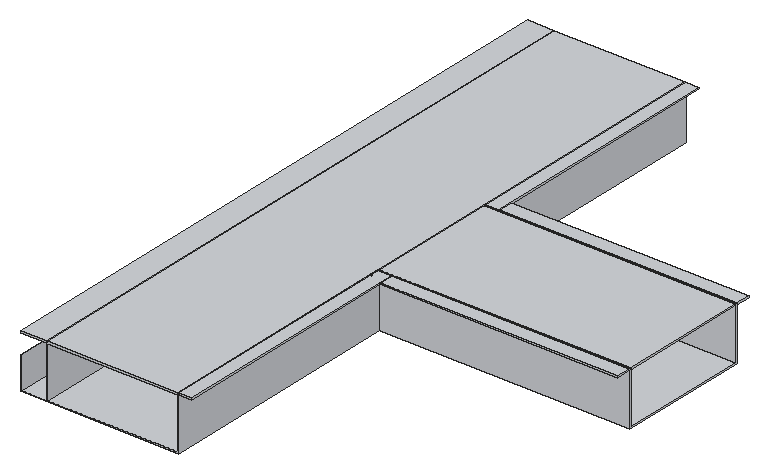
Revit family "Bürstenleisten-Kanalsystem OKB_T-Stück, ohne_ Nivelliereinheiten", category Generic Models, Revit 2015
Parameters (values of type "OKB TS 25085 ON")
  Width = 250 mm
  URL = "http://www.obo-bettermann.com"
  Material = Steel, Galvanized
  Manufacturer Art. No. = "7403836"
  Manufacturer = "OBO Bettermann"
  Lenght = 1000 mm
  Height = 85 mm
  GTIN = "4012195845997"
  Article Type = "OKB TS 25085 ON"
Reference planes
  plane 1 "Center (Front/Back)": y = 0
  plane 2: z = 0
  plane 3 "Center (Left/Right)": x = 0
  plane 4: x = 125
  plane 5: x = -125
  plane 6: x = -84
  plane 7: z = 85
  plane 8: z = 82
  plane 9: x = -123
  plane 10: x = -82
  plane 11: x = 123
  plane 12: z = 2
  plane 13: z = 83
  plane 14: z = 52
  plane 15: y = -1000
  plane 16: y = -500
  plane 17: y = -605.5
  plane 18: y = -394.5
  plane 19: y = -396.5
  plane 20: y = -603.5
  plane 21: y = -371.5
  plane 22: y = -628.5
  plane 23: x = 520
Forms (mm)
  Extrusion 1, solid
    sketch origin (0, 0, 0) x (1, 0, 0) y (0, 0, 1)
      loop
        line (145, 85) -> (123, 85) -> (123, 2) -> (-123, 2) -> (-123, 52) -> (-125, 52) -> (-125, 0) -> (125, 0) -> (125, 83) -> (145, 83) -> (145, 85)
      loop
        line (-84, 83) -> (-84, 85) -> (-125, 85) -> (-125, 83) -> (-84, 83)
    from 0 to 1000
  Extrusion 2, solid
    sketch origin (0, 0, 0) x (1, 0, 0) y (0, 0, 1)
      loop
        line (-84, 85) -> (-84, 2) -> (-82, 2) -> (-82, 82) -> (123, 82) -> (123, 85) -> (-84, 85)
    from 0 to 1000
  Extrusion 3, void
    sketch origin (0, 0, 0) x (0, 1, 0) y (0, 0, 1)
      loop
        line (-394.5, 85) -> (-605.5, 85) -> (-605.5, 0) -> (-394.5, 0) -> (-394.5, 85)
    from 123 to 145
  Extrusion 4, solid
    sketch origin (0, 0, 0) x (0, 1, 0) y (0, 0, 1)
      loop
        line (-605.5, 0) -> (-394.5, 0) -> (-394.5, 85) -> (-396.5, 85) -> (-396.5, 2) -> (-603.5, 2) -> (-603.5, 85) -> (-605.5, 85) -> (-605.5, 0)
    from 123 to 520
  Extrusion 5, solid
    sketch origin (0, 0, 0) x (0, 1, 0) y (0, 0, 1)
      loop
        line (-396.5, 85) -> (-603.5, 85) -> (-603.5, 83) -> (-396.5, 83) -> (-396.5, 85)
    from 123 to 520
  Extrusion 6, solid
    sketch origin (0, 0, 0) x (0, 1, 0) y (0, 0, 1)
      loop
        line (-394.5, 85) -> (-394.5, 83) -> (-371.5, 83) -> (-371.5, 85) -> (-394.5, 85)
      loop
        line (-628.5, 85) -> (-628.5, 83) -> (-605.5, 83) -> (-605.5, 85) -> (-628.5, 85)
    from 145 to 520
Cuts and joins
  Extrusion 3 cuts Extrusion 1
  Extrusion 3 cuts Extrusion 2
Lines and regions (mm)
  model lines
    curve 1: line (-125, 0, 52) -> (-125, 0, 0)
    curve 2: line (-125, 0, 0) -> (125, 0, 0)
    curve 3: line (125, 0, 0) -> (125, 0, 83)
    curve 4: line (123, 0, 85) -> (123, 0, 2)
    curve 5: line (123, 0, 2) -> (-123, 0, 2)
    curve 6: line (-123, 0, 2) -> (-123, 0, 52)
    curve 7: line (-123, 0, 52) -> (-125, 0, 52)
    curve 8: line (-84, 0, 85) -> (-84, 0, 2)
    curve 9: line (-84, 0, 82) -> (123, 0, 82)
    curve 10: line (123, 0, 85) -> (-84, 0, 85)
    curve 11: line (-84, 0, 83) -> (-125, 0, 83)
    curve 12: line (-125, 0, 83) -> (-125, 0, 85)
    curve 13: line (-125, 0, 85) -> (-84, 0, 85)
    curve 14: line (-82, 0, 82) -> (-82, 0, 2)
    curve 15: line (125, 0, 83) -> (145, 0, 83)
    curve 16: line (145, 0, 83) -> (145, 0, 85)
    curve 17: line (145, 0, 85) -> (123, 0, 85)
    curve 18: line (-84, -1000, 0) -> (125, -1000, 0)
    curve 19: line (0, -394.5, 85) -> (0, -394.5, 0)
    curve 20: line (0, -605.5, 85) -> (0, -605.5, 0)
    curve 21: line (0, -396.5, 85) -> (0, -396.5, 2)
    curve 22: line (0, -603.5, 2) -> (0, -603.5, 85)
    curve 23: line (0, -371.5, 85) -> (0, -371.5, 83)
    curve 24: line (0, -628.5, 85) -> (0, -628.5, 83)
Dimensions and locks
  locked: level to plane 12 at 2
  locked: plane 8 to plane 7 at 3
  locked: plane 13 to plane 7 at 2
  locked: plane 11 to plane 4 at 2
  locked: plane 6 to plane 10 at 2
  locked: plane 5 to plane 9 at 2
  locked: level to plane 14 at 52
  "Width": plane 5 to plane 4
  plane 10 to plane 11 = 205 mm
  equal spacing: plane 5, plane 3 "Center (Left/Right)", plane 4
  locked: plane 4 to curve 16 at 20
  locked: curve 4 to curve 14 at 205
  "Height": level to plane 7
  "Lenght": plane 1 "Center (Front/Back)" to plane 15
  equal spacing: plane 1 "Center (Front/Back)", plane 16, plane 15
  locked: plane 18 to plane 17 at 211
  equal spacing: plane 18, plane 16, plane 17
  locked: plane 18 to plane 19 at 2
  locked: plane 20 to plane 17 at 2
  locked: plane 21 to plane 18 at 23
  locked: plane 17 to plane 22 at 23
  locked: plane 5 to plane 23 at 645
  aligned and locked: level to plane 2
  aligned and locked: plane 5 to curve 1
  aligned and locked: curve 2 to plane 2
  aligned and locked: curve 3 to plane 4
  aligned and locked: plane 11 to curve 4
  aligned and locked: plane 12 to curve 5
  aligned and locked: curve 6 to plane 9
  aligned and locked: curve 7 to plane 14
  aligned and locked: plane 6 to curve 8
  aligned and locked: curve 9 to plane 8
  aligned and locked: plane 13 to curve 11
  aligned and locked: curve 12 to plane 5
  aligned and locked: curve 13 to plane 7
  aligned and locked: curve 15 to plane 13
  aligned and locked: Extrusion 1 sketch curve to curve 17
  aligned and locked: Extrusion 1 sketch curve to curve 16
  aligned and locked: Extrusion 1 sketch curve to curve 15
  aligned and locked: Extrusion 1 sketch curve to curve 3
  aligned and locked: Extrusion 1 sketch curve to curve 4
  aligned and locked: Extrusion 1 sketch curve to curve 5
  aligned and locked: Extrusion 1 sketch curve to curve 2
  aligned and locked: Extrusion 1 sketch curve to curve 6
  aligned and locked: Extrusion 1 sketch curve to curve 1
  aligned and locked: Extrusion 1 sketch curve to curve 7
  aligned and locked: Extrusion 1 sketch curve to curve 11
  aligned and locked: Extrusion 1 sketch curve to curve 13
  aligned and locked: Extrusion 1 sketch curve to curve 12
  aligned and locked: Extrusion 1 sketch curve to curve 8
  aligned and locked: curve 18 to plane 15
  aligned and locked: Extrusion 1 to plane 15
  aligned and locked: curve 8 to Extrusion 2 sketch curve
  aligned and locked: Extrusion 2 sketch curve to curve 14
  aligned and locked: Extrusion 2 sketch curve to curve 4
  aligned and locked: Extrusion 2 sketch curve to plane 8
  aligned and locked: plane 12 to Extrusion 2 sketch curve
  aligned and locked: Extrusion 2 sketch curve to curve 10
  aligned and locked: Extrusion 2 to plane 15
  aligned and locked: plane 18 to curve 19
  aligned and locked: plane 17 to curve 20
  aligned and locked: Extrusion 3 sketch curve to curve 19
  aligned and locked: level to Extrusion 3 sketch curve
  aligned and locked: Extrusion 3 sketch curve to curve 20
  aligned and locked: Extrusion 3 sketch curve to plane 7
  aligned and locked: Extrusion 1 to Extrusion 3
  aligned and locked: plane 11 to Extrusion 3
  aligned and locked: plane 19 to curve 21
  aligned and locked: curve 22 to plane 20
  aligned and locked: plane 21 to curve 23
  aligned and locked: plane 22 to curve 24
  aligned and locked: Extrusion 4 sketch curve to level
  aligned and locked: Extrusion 4 sketch curve to curve 19
  aligned and locked: cut or joined group of Extrusion 1, Extrusion 3 to Extrusion 4 sketch curve
  aligned and locked: Extrusion 4 sketch curve to curve 21
  aligned and locked: plane 12 to Extrusion 4 sketch curve
  aligned and locked: Extrusion 4 sketch curve to curve 22
  aligned and locked: plane 7 to Extrusion 4 sketch curve
  aligned and locked: Extrusion 4 sketch curve to curve 20
  aligned and locked: plane 11 to Extrusion 4
  aligned and locked: plane 23 to Extrusion 4
  aligned and locked: Extrusion 4 to Extrusion 5 sketch curve
  aligned and locked: Extrusion 5 sketch curve to curve 22
  aligned and locked: Extrusion 5 sketch curve to plane 13
  aligned and locked: Extrusion 5 sketch curve to plane 19
  aligned and locked: Extrusion 4 to Extrusion 5
  aligned and locked: plane 11 to Extrusion 5
  aligned and locked: Extrusion 6 sketch curve to curve 23
  aligned and locked: plane 13 to Extrusion 6 sketch curve  (x2)
  aligned and locked: Extrusion 6 sketch curve to plane 18
  aligned and locked: Extrusion 6 sketch curve to curve 24  (x2)
  aligned and locked: Extrusion 6 to Extrusion 4
  aligned and locked: curve 15 to Extrusion 6
Automatic sketch dimensions
  curve 18 to plane 6 = 0 mm
  curve 18 to plane 4 = 0 mm
  curve 24 to plane 7 = 0 mm
  curve 19 to level = 0 mm
  curve 20 to level = 0 mm
  curve 21 to plane 12 = 0 mm
  curve 22 to plane 12 = 0 mm
  curve 24 to plane 13 = 0 mm
  curve 23 to plane 13 = 0 mm
  curve 22 to plane 7 = 0 mm
  curve 23 to plane 7 = 0 mm
  curve 20 to plane 7 = 0 mm
  curve 19 to plane 7 = 0 mm
  curve 21 to plane 7 = 0 mm
  Extrusion 6 sketch curve to plane 17 = 0 mm
  Extrusion 6 sketch curve to plane 7 = 0 mm  (x2)
